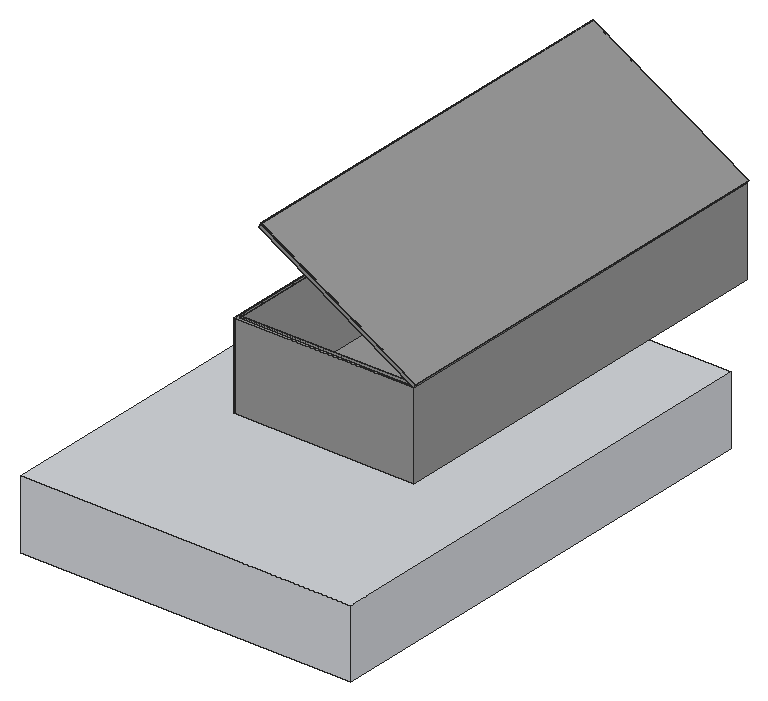
Revit family "Hager-Univers-IP41-D400-H1850-Cl.I-Steel_encl-AT-de", category Equipement électrique, Revit 2020
Family settings
  Hôte = Face
  Configuration du panneau = Deux colonnes, circuits au sein
  Cote de connecteur circulaire = Utiliser le diamètre
  Type d'élément = Tableau de raccordement
  Couper avec des vides une fois chargée = Non
  Partagée = Non
  Point de calcul de pièce = Non
Parameters (values of type "Aufputz IP41 B800 H1850 T400  - FS23G")
  Width Control [instance] = if([EF000008 - Breite] > Min Width, [EF000008 - Breite], Min Width)  # 800 mm
  Commentaires du type = [HG000003 - Bereich]  # "Univers"
  Thickness Door [instance] = if([EF009171 - Materialstärke Tür/Deckel] > 3 mm, 3 mm, [EF009171 - Materialstärke Tür/Deckel])  # 1.5 mm
  Seal Frame Offset [instance] = 17 mm  # constant formula
  Plinth Visibility [instance] = [HG000027 - Sockelhöhe] > 0 mm  # no
  Model = ""
  Min Width [instance] = 100 mm  # constant formula
  Min Height [instance] = 100 mm  # constant formula
  Min Depth [instance] = (2 * [EF009170 - Materialstärke Gehäuse]) + 1 mm  # 4 mm
  Internal Frame Depth [instance] = (Door System Depth * 0.5)  # 9 mm
  Height Control [instance] = if([EF000040 - Höhe] > Min Height, [EF000040 - Höhe], Min Height)  # 1850 mm
  HG000027 - Sockelhöhe = 0 mm
  HG000026 - Stehend auf dem Boden = no
  HG000024 - Höhe des unteren Teils = 800 mm
  HG000023 - Gehäuse mit doppeltem Querschnitt = no
  HG000016 - 3D-Türsichtbarkeit [instance] = yes
  HG000015 - Sichtbarkeit der Türöffnung [instance] = no
  HG000014 - Tür rechts [instance] = yes
  HG000013 - Tür links [instance] = not([HG000014 - Tür rechts])  # no
  HG000012 - Türschwenkwinkel [instance] = 30.00°
  HG000010 - Asymmetrische Türen = no
  HG000009 - Doppelflügeligen Tür = no
  HG000006 - Unterputz = no
  HG000004 - Herstellerreferenz = "FS23G"
  HG000003 - Bereich = "Univers"
  HG000002 - Mit tür = yes
  Frame Offset Bottom [instance] = 10 mm  # constant formula
  Frame Offset [instance] = 15 mm  # constant formula
  EF015940 - Deckel mit Überdruckentlastung = no
  EF011959 - Schutzart (NEMA) = ""
  EF009554 - Anzahl der Öffnungen für Flanschplatten = 6
  Fabricant = "Hager"  # constant formula
  EF009212 - Ausführung Deckel = "EV000116 - geschlossen"
  EF009171 - Materialstärke Tür/Deckel = 1.5 mm
  EF009170 - Materialstärke Gehäuse = 1.5 mm
  EF008873 - Nennstrom (In) = 800 A
  EF007800 - Geeignet für Blitzschutz = no
  EF006306 - Mit Schloss = no
  EF006244 - Transparenter Deckel/Tür = no
  EF005474 - Schutzart (IP) = "EV006416 - IP41"
  EF004464 - Art der Tür = "EV002646 - Einzel"
  EF004427 - Anzahl der Module = 432
  EF004293 - Schlagfestigkeit = "EV006813 - IK07"
  EF003532 - Geeignet für Außengebrauch = no
  EF002950 - Breite in Teilungseinheiten = 24
  EF001613 - Funktionserhalt = "EV000494 - ohne"
  EF001596 - Werkstoff des Gehäuses = "EV000179 - Stahl"
  EF001131 - Innentiefe = 400 mm
  EF001088 - Anbaumöglichkeit = yes
  EF000437 - Anzahl der Leitungseinführungen = 6
  EF000339 - Art der Abdeckung = "EV004216 - Tür"
  EF000266 - Anzahl der Reihen = 12
  EF000218 - Einbautiefe = 0 mm
  EF000118 - Mit Montageplatte = no
  EF000116 - RAL-Nummer = "7035"
  EF000049 - Tiefe = 400 mm
  EF000040 - Höhe = 1850 mm
  EF000008 - Breite = 800 mm
  EF000007 - Farbe = "EV000270 - grau"
  EF000003 - Montageart = "EV000384 - Aufputz"
  Door System Leaf Tolerance [instance] = 1.5 mm  # constant formula
  Door System Depth [instance] = 18 mm  # constant formula
  Door Height [instance] = Height Control - [HG000027 - Sockelhöhe]  # 1850 mm
  Depth Control [instance] = if([EF000049 - Tiefe] > Min Depth, [EF000049 - Tiefe], Min Depth)  # 400 mm
  Default Elevation = 0 mm
  Connector Offset [instance] = Height Control / 2  # 925 mm
  Bottom Top Plate Trim [instance] = 1.5 mm  # constant formula
  Plinth height Ctrl [instance] = if([HG000027 - Sockelhöhe] > 0 mm, [HG000027 - Sockelhöhe], 12 mm)  # 12 mm
Types (5, lengths in mm): name | Width Control | HG000009 - Doppelflügeligen Tür | HG000004 - Herstellerreferenz | EF009554 - Anzahl der Öffnungen für Flanschplatten | EF004464 - Art der Tür | EF004427 - Anzahl der Module | EF000437 - Anzahl der Leitungseinführungen | EF000008 - Breite
  Aufputz IP41 B1050 H1850 T400  - FS24G | 1050 | yes | "FS24G" | 8 | "EV003602 - Doppel" | 576 | 8 | 1050
  Aufputz IP41 B1300 H1850 T400  - FS25G | 1300 | yes | "FS25G" | 10 | "EV003602 - Doppel" | 720 | 10 | 1300
  Aufputz IP41 B300 H1850 T400  - FS21G | 300 | no | "FS21G" | 2 | "EV002646 - Einzel" | 144 | 2 | 300
  Aufputz IP41 B550 H1850 T400  - FS22G | 550 | no | "FS22G" | 4 | "EV002646 - Einzel" | 288 | 4 | 550
  Aufputz IP41 B800 H1850 T400  - FS23G | 800 | no | "FS23G" | 6 | "EV002646 - Einzel" | 432 | 6 | 800
Reference planes
  plane 1 "Center (Front/Back)": y = 0
  plane 2: z = 0
  plane 3 "Center (Left/Right)": x = 0
  plane 4: z = 400
  plane 5: y = 1.5
  plane 6: y = 925
  plane 7: y = 0
  plane 8: y = 1850
  plane 9: z = 0
  plane 10: x = -385
  plane 11: x = 385
  plane 12: x = 383.5
  plane 13: x = -383.5
  plane 14: y = 1848.5
  plane 15: x = -383
  plane 16: x = -400
  plane 17: x = 383
  plane 18: x = 400
  plane 19: x = 398.5
  plane 20: x = -398.5
  plane 21: y = 11.5
  plane 22: y = 1850
  plane 23: y = 1833.5
  plane 24: z = 382
  plane 25: z = 1.5
  plane 26: z = 380.5
  plane 27: z = 398.5
Forms (mm)
  Extrusion 1, solid
    sketch origin (0, 0, 0) x (1, 0, 0) y (0, 1, 0)
      loop
        line (-702.964, 1305) -> (-702.964, -811.445) -> (766.763, -811.445) -> (766.763, 1305) -> (-702.964, 1305)
    from 0 to -304.8
  Extrusion 2, solid, material "Hager_Steel_RAL7035_Light_Grey", visible <- "Plinth Visibility", detail levels medium+fine
    sketch origin (0, 0, 0) x (1, 0, 0) y (0, 1, 0)
      loop
        line (-400, 0) -> (400, 0) -> (400, 12) -> (-400, 12) -> (-400, 0)
    from 0 to 382
  Extrusion 3, solid, material "Hager_Steel_RAL7035_Light_Grey", detail levels medium+fine
    sketch origin (0, 0, 0) x (1, 0, 0) y (0, 1, 0)
      loop
        line (-400, 0) -> (400, 0) -> (400, 1850) -> (-400, 1850) -> (-400, 0)
    from 0 to 382
  Extrusion 4, void
    sketch origin (0, 0, 0) x (1, 0, 0) y (0, 1, 0)
      loop
        line (-398.5, 1.5) -> (398.5, 1.5) -> (398.5, 1848.5) -> (-398.5, 1848.5) -> (-398.5, 1.5)
    from 1.5 to 380.5
  Extrusion 5, void
    sketch origin (-381.607, -4572, 382) x (0, -1, 0) y (-1, 0, 0)
      loop
        line (-4583.5, 1.893) -> (-6405.5, 1.893) -> (-6405.5, -765.107) -> (-4583.5, -765.107) -> (-4583.5, 1.893)
    from 0 to 1.5 <- "EF009170 - Materialstärke Gehäuse"
  Extrusion 6, solid, material "Hager_Steel_RAL7035_Light_Grey", detail levels fine
    sketch origin (0, 0, 382) x (1, 0, 0) y (0, 1, 0)
      loop
        line (-383.5, 1833.5) -> (-383.5, 11.5) -> (383.5, 11.5) -> (383.5, 1833.5) -> (-383.5, 1833.5)
      loop
        line (-385, 10) -> (385, 10) -> (385, 1835) -> (-385, 1835) -> (-385, 10)
    from 0 to 9 <- "Internal Frame Depth"
  Extrusion 7, solid, material "Hager_Steel_RAL7035_Light_Grey", detail levels coarse
    sketch origin (0, 0, 0) x (1, 0, 0) y (0, 1, 0)
      loop
        line (-400, 0) -> (400, 0) -> (400, 1850) -> (-400, 1850) -> (-400, 0)
    from 0 to 400
  Sweep 8, void
    path in 3D
      loop
        line (-400, 12, 0) -> (400, 12, 0) -> (400, 12, 382) -> (-400, 12, 382) -> (-400, 12, 0)
    profile origin (-400, 12, 191) x (-1, 0, 0) y (0, -1, 0)
      loop
        line (0, 0) -> (0, 1.5) -> (-1.5, 1.5)
        arc (-1.5, 1.5) -> (-1.061, 0.439) -> (0, 0) r 1.5
Cuts and joins
  Extrusion 4, Extrusion 5 cuts Extrusion 3
  Sweep 8 cuts Extrusion 2
Lines and regions (mm)
  Masking region 1
    outline origin (0, 0, 0) x (1, 0, 0) y (0, 0, 1)
      loop
        line (-400, 400) -> (-400, 0) -> (400, 0) -> (400, 400) -> (-400, 400)
  Masking region 2, detail levels medium+fine
    outline origin (0, 140, 0) x (0, 1, 0) y (0, 0, 1)
      loop
        line (-140, 0) -> (1710, 0) -> (1710, 382) -> (-140, 382) -> (-140, 0)
  Masking region 3, not visible, detail levels medium+fine
    outline origin (0, 297.922, 0) x (0, 1, 0) y (0, 0, 1)
      loop
        line (638.578, 0) -> (678.578, 0) -> (678.578, 388.5)
        arc (678.578, 388.5) -> (675.649, 395.571) -> (668.578, 398.5) r 10
        line (668.578, 398.5) -> (638.578, 398.5) -> (638.578, 0)
  Masking region 4, detail levels coarse
    outline origin (0, 0, 180) x (0, 1, 0) y (0, 0, 1)
      loop
        line (0, -180) -> (1850, -180) -> (1850, 220) -> (0, 220) -> (0, -180)
  Masking region 5, visible <- "Plinth Visibility", detail levels medium+fine
    outline origin (0, 52.24, 12.345) x (0, 0, -1) y (0, 1, 0)
      loop
        line (10.845, -40.24) -> (-368.155, -40.24)
        arc (-368.155, -40.24) -> (-368.594, -41.301) -> (-369.655, -41.74) r 1.5
        line (-369.655, -41.74) -> (-369.655, -52.24) -> (12.345, -52.24) -> (12.345, -41.74)
        arc (12.345, -41.74) -> (11.285, -41.301) -> (10.845, -40.24) r 1.5
  Masking region 6, detail levels medium+fine
    outline origin (-381.607, -4572, 382) x (-1, 0, 0) y (0, -1, 0)
      loop
        line (18.393, -6422) -> (18.393, -4572) -> (-781.607, -4572) -> (-781.607, -6422) -> (18.393, -6422)
  Masking region 7, visible <- "Plinth Visibility", detail levels medium+fine
    outline origin (-381.607, -4727, 382) x (-1, 0, 0) y (0, -1, 0)
      loop
        arc (16.893, -4739) -> (17.332, -4737.939) -> (18.393, -4737.5) r 1.5
        line (18.393, -4737.5) -> (18.393, -4727) -> (-781.607, -4727) -> (-781.607, -4737.5)
        arc (-781.607, -4737.5) -> (-780.546, -4737.939) -> (-780.107, -4739) r 1.5
        line (-780.107, -4739) -> (16.893, -4739)
  Masking region 8, detail levels coarse
    outline origin (-442.548, -4669.526, 382) x (-1, 0, 0) y (0, -1, 0)
      loop
        line (-42.548, -6519.526) -> (-42.548, -4669.526) -> (-842.548, -4669.526) -> (-842.548, -6519.526) -> (-42.548, -6519.526)
  sketch lines
    curve 1: line (-400, 12, 382) -> (-400, 12, 0)
    curve 2: line (400, 12, 382) -> (-400, 12, 382)
    curve 3: line (400, 12, 382) -> (400, 12, 0)
    curve 4: line (-400, 12, 0) -> (400, 12, 0)
Dimensions and locks
  "Depth Control": plane 4 to Extrusion 1
  "HG000027 - Sockelhöhe": plane 1 "Center (Front/Back)" to plane 7
  "EF009170 - Materialstärke Gehäuse": plane 5 to plane 7
  locked: connector elem to plane 3 "Center (Left/Right)"
  equal spacing: plane 8, plane 6, plane 7
  locked: connector elem to plane 6
  "EF009170 - Materialstärke Gehäuse": plane 8 to plane 14
  "EF009170 - Materialstärke Gehäuse": plane 10 to plane 13
  "EF009170 - Materialstärke Gehäuse": plane 12 to plane 11
  "Frame Offset": plane 20 to plane 13
  "Frame Offset": plane 12 to plane 19
  "EF009170 - Materialstärke Gehäuse": plane 16 to plane 20
  "EF009170 - Materialstärke Gehäuse": plane 19 to plane 18
  "Seal Frame Offset": plane 16 to plane 15
  "Seal Frame Offset": plane 17 to plane 18
  "Frame Offset Bottom": plane 21 to plane 5
  "Frame Offset": plane 14 to plane 23
  equal spacing: plane 16, plane 3 "Center (Left/Right)", plane 18
  "Width Control": plane 16 to plane 18
  "EF009170 - Materialstärke Gehäuse": plane 4 to plane 27
  "EF009170 - Materialstärke Gehäuse": plane 24 to plane 26
  "EF009170 - Materialstärke Gehäuse": plane 25 to level
  "Door System Depth": plane 4 to plane 24
  "Height Control": plane 1 "Center (Front/Back)" to Extrusion 7 sketch curve
  "Height Control": Masking region 4 sketch curve to plane 1 "Center (Front/Back)"
  "Height Control": plane 1 "Center (Front/Back)" to plane 22
  "Bottom Top Plate Trim": profile plane to Sweep 8 sketch curve
  "Bottom Top Plate Trim": Sweep 8 sketch curve to profile plane
  "Plinth height Ctrl": plane 1 "Center (Front/Back)" to Extrusion 2 sketch curve
  "Plinth height Ctrl": Masking region 5 sketch curve to plane 1 "Center (Front/Back)"
  "Plinth height Ctrl": plane 1 "Center (Front/Back)" to Masking region 7 sketch curve
  "Thickness Door": Extrusion 6 sketch curve to Extrusion 6 sketch curve  (x3)
  "Thickness Door": cut or joined group of Extrusion 3, Extrusion 4, Extrusion 5 to Extrusion 6 sketch curve
  radius of Masking region 3 sketch curve = 10 mm
  "Bottom Top Plate Trim": radius of Masking region 5 sketch curve  (x2)
  "Bottom Top Plate Trim": radius of Sweep 8 sketch curve
  "Bottom Top Plate Trim": radius of Masking region 7 sketch curve  (x2)
  aligned and locked: plane 2 to Extrusion 1
  aligned and locked: level to Extrusion 1
  aligned and locked: level to Masking region 1 sketch curve
  aligned and locked: Masking region 1 sketch curve to plane 18
  aligned and locked: Masking region 1 sketch curve to plane 16
  aligned and locked: plane 7 to Masking region 2 sketch curve
  aligned and locked: level to Masking region 3 sketch curve
  aligned and locked: Masking region 3 sketch curve to plane 27
  aligned and locked: level to Masking region 2 sketch curve
  aligned and locked: plane 1 "Center (Front/Back)" to Extrusion 2 sketch curve
  aligned and locked: Extrusion 3 sketch curve to plane 7
  aligned and locked: plane 16 to Extrusion 3 sketch curve
  aligned and locked: plane 18 to Extrusion 3 sketch curve
  aligned and locked: plane 20 to Extrusion 4 sketch curve
  aligned and locked: plane 19 to Extrusion 4 sketch curve
  aligned and locked: Extrusion 4 sketch curve to plane 5
  aligned and locked: Extrusion 4 to plane 25
  aligned and locked: plane 26 to Extrusion 4
  aligned and locked: plane 24 to Extrusion 3
  aligned and locked: Extrusion 5 sketch curve to plane 21
  aligned and locked: Extrusion 5 sketch curve to plane 13
  aligned and locked: Extrusion 5 sketch curve to plane 12
  aligned and locked: plane 18 to Extrusion 7 sketch curve
  aligned and locked: plane 1 "Center (Front/Back)" to Extrusion 7 sketch curve
  aligned and locked: plane 16 to Extrusion 7 sketch curve
  aligned and locked: plane 4 to Extrusion 7
  aligned and locked: Extrusion 7 to level
  aligned and locked: level to Masking region 4 sketch curve
  aligned and locked: Masking region 4 sketch curve to plane 1 "Center (Front/Back)"
  aligned and locked: Masking region 4 sketch curve to plane 4
  aligned and locked: nested 1 to level
  aligned and locked: nested 1 to plane 16
  aligned and locked: plane 8 to Extrusion 3 sketch curve
  aligned and locked: plane 23 to Extrusion 5 sketch curve
  aligned and locked: plane 14 to Extrusion 4 sketch curve
  aligned and locked: Masking region 2 sketch curve to plane 8
  aligned and locked: level to Masking region 5 sketch curve
  aligned and locked: plane 16 to Extrusion 2 sketch curve
  aligned and locked: plane 18 to Extrusion 2 sketch curve
  aligned and locked: Masking region 5 sketch curve to plane 24
  aligned and locked: Masking region 2 sketch curve to plane 24
  aligned and locked: plane 24 to Extrusion 2
  aligned and locked: profile plane to Sweep 8 sketch curve  (x2)
  aligned and locked: Masking region 6 sketch curve to plane 18
  aligned and locked: Masking region 6 sketch curve to plane 22
  aligned and locked: Masking region 6 sketch curve to plane 16
  aligned and locked: plane 8 to plane 22
  aligned and locked: Masking region 6 sketch curve to plane 7
  aligned and locked: Masking region 7 sketch curve to plane 16
  aligned and locked: Masking region 7 sketch curve to plane 1 "Center (Front/Back)"
  aligned and locked: Masking region 7 sketch curve to plane 18
  aligned and locked: Masking region 8 sketch curve to plane 1 "Center (Front/Back)"
  aligned and locked: Masking region 8 sketch curve to plane 18
  aligned and locked: Masking region 8 sketch curve to plane 22
  aligned and locked: Masking region 8 sketch curve to plane 16
  aligned and locked: nested 2 to plane 7
  aligned and locked: plane 3 "Center (Left/Right)" to nested 2
  aligned and locked: nested 2 to plane 24
  aligned and locked: Extrusion 6 sketch curve to cut or joined group of Extrusion 3, Extrusion 4, Extrusion 5  (x4)
Automatic sketch dimensions
  Extrusion 1 sketch curve to Extrusion 1 sketch curve = 1469.727 mm
  Extrusion 1 sketch curve to Extrusion 1 sketch curve = 2116.445 mm
  Masking region 1 sketch curve to plane 4 = 0 mm
  plane 6 to Masking region 3 sketch curve = 11.5 mm
  Masking region 3 sketch curve to Masking region 3 sketch curve = 30 mm
  Masking region 5 sketch curve to plane 1 "Center (Front/Back)" = 0 mm
Nested families
  nested 1: "Hager_Enclosure_Symbol" at (-400, 0, 0) x (1, 0, 0) z (0, -1, 0), Height <- "Depth Control", Width <- "Width Control", type "Hager_Enclosure_Symbol"
    with Width_Ctrl 800 mm, Width 800 mm, Height_Ctrl 400 mm, Height 400 mm, A_Width_Int 26.25 mm, A_Width 315 mm, A_Height_Ctrl 350 mm, A_Height 350 mm
  nested 2: "EC000058_Univers_Door" at (0, 0, 382) x (1, 0, 0) z (0, 1, 0), Leaf_Tolerance <- "Door System Leaf Tolerance", Angle <- "HG000012 - Türschwenkwinkel", Door_Depth <- "Door System Depth", Door_Left <- "HG000013 - Tür links", Transparent <- "EF006244 - Transparenter Deckel/Tür", Assymetrical <- "HG000010 - Asymmetrische Türen", Width <- "Width Control", Clearance <- "HG000015 - Sichtbarkeit der Türöffnung", Double <- "HG000009 - Doppelflügeligen Tür", 3d_Door <- "HG000016 - 3D-Türsichtbarkeit", Lock_Visibility <- "EF006306 - Mit Schloss", Width_Ctrl <- "Width Control", Door_Right <- "HG000014 - Tür rechts", Door <- "HG000002 - Mit tür", Height <- "Door Height", Thickness <- "Thickness Door", type "EC000058_Univers_Door", detail levels medium+fine
    with min_wh 4 mm, Width_Ctrl 800 mm, Width 800 mm, Transparent no, Thickness 1.5 mm, Seal_Material Hager_Rubber, Lock_Visibility no, Lock_Material Hager_Plastic_RAL9005_Jet_Black, Leaf_Width 800 mm, Leaf_Tolerance_External_Sides 0 mm, Leaf_Tolerance 1.5 mm, Leaf_Offset 0 mm, Leaf_Height 1847 mm, Leaf_2_Width 800 mm, Leaf_2_Offset 400 mm, Leaf_1_Width 800 mm, Leaf_1_Offset 400 mm, Height_Ctrl 1850 mm, Height 1850 mm, Glass_Material Hager_Glass, Double_Clearance_Ctrl no, Double no, Door_Right_Ctrl yes, Door_Right yes, Door_Material Hager_Steel_RAL7035_Light_Grey, Door_Left_Ctrl no, Door_Left no, Door_Depth 18 mm, Door yes, Clearance_Material Hager_Clearance, Clearance_Depth 800 mm, Clearance_Ctrl no, Clearance no, Assymetrical no, Angle 30.00°, 3d_Door yes
Connectors
  electrical at (0, 925, 0)
    settings: on plane 9, index 1, voltage 0 V, apparent load 0 VA, apparent load phase1 0 VA, apparent load phase2 0 VA, apparent load phase3 0 VA, power factor 1, load classification "Other", number of poles 1, system type 30, power factor state 1, is connector primary yes, connector utility no, sub classification motor no, connector description ""
Definition of nested family "EC000058_Univers_Door"
  Parameters (values of type "EC000058_Univers_Door")
    min_wh [instance] = (2 * Thickness) + 1 mm  # 11 mm
    Width_Ctrl [instance] = 400 mm
    Width [instance] = 500 mm
    Transparent [instance] = yes
    Thickness [instance] = 5 mm
    Seal_Material [instance] = none
    Lock_Visibility [instance] = yes
    Lock_Material [instance] = none
    Leaf_Width [instance] = if((Width_Ctrl - 2 * Leaf_Tolerance_External_Sides) > 0 mm, (Width_Ctrl - 2 * Leaf_Tolerance_External_Sides), min_wh)  # 400 mm
    Leaf_Tolerance_External_Sides [instance] = 0 mm  # constant formula
    Leaf_Tolerance [instance] = 1.5 mm
    Leaf_Offset [instance] = 0 mm  # constant formula
    Leaf_Height [instance] = if((Height_Ctrl - 2 * Leaf_Tolerance) > 0 mm, (Height_Ctrl - 2 * Leaf_Tolerance), min_wh)  # 497 mm
    Leaf_2_Width [instance] = if(and(and(Double, Assymetrical), Door_Left), (Leaf_Width / 3) - (Leaf_Tolerance / 2), if(and(and(Double, Assymetrical), Door_Right), (Leaf_Width / 3) * 2 - (Leaf_Tolerance / 2), if(and(Double, not(Assymetrical)), (Leaf_Width / 2) - Leaf_Tolerance, Leaf_Width)))  # 400 mm
    Leaf_2_Offset [instance] = if(and(Double, Assymetrical), Leaf_2_Width / 2, if(and(Double, not(Assymetrical)), Leaf_Width / 4, Leaf_Width / 2))  # 200 mm
    Leaf_1_Width [instance] = if(and(and(Double, Assymetrical), Door_Right), (Leaf_Width / 3) - (Leaf_Tolerance / 2), if(and(and(Double, Assymetrical), Door_Left), (Width / 3) * 2 - (Leaf_Tolerance / 2), if(and(Double, not(Assymetrical)), (Leaf_Width / 2) - Leaf_Tolerance, Leaf_Width)))  # 400 mm
    Leaf_1_Offset [instance] = if(and(Double, Assymetrical), Leaf_1_Width / 2, if(and(Double, not(Assymetrical)), Leaf_Width / 4, Leaf_Width / 2))  # 200 mm
    Height_Ctrl [instance] = if(Height > min_wh, Height, min_wh)  # 500 mm
    Height [instance] = 500 mm
    Glass_Material [instance] = none
    Double_Clearance_Ctrl [instance] = and(Double, Clearance)  # no
    Double [instance] = no
    Door_Right_Ctrl [instance] = and(or(Door_Right, Double), Door)  # yes
    Door_Right [instance] = yes
    Door_Material [instance] = none
    Door_Left_Ctrl [instance] = and(or(Door_Left, Double), Door)  # no
    Door_Left [instance] = no
    Door_Depth [instance] = 30 mm
    Door [instance] = yes
    Default Elevation = 1219.2 mm
    Clearance_Material [instance] = none
    Clearance_Depth [instance] = if(Leaf_1_Width > Leaf_2_Width, Leaf_1_Width, Leaf_2_Width)  # 400 mm
    Clearance_Ctrl [instance] = and(not(Double), Clearance)  # yes
    Clearance [instance] = yes
    Assymetrical [instance] = yes
    Angle [instance] = 30.00°
    3d_Door [instance] = yes
  Reference planes
    plane 1 "Center (Front/Back)": y = 0
    plane 2 "Bottom": z = 0
    plane 3 "Center (Left/Right)": x = 0
    plane 4: z = 500
    plane 5: x = -200
    plane 6: x = 200
    plane 7: z = 500
    plane 8: x = -200
    plane 9: z = 0
    plane 10: x = 200
    plane 11: y = 0
    plane 12: z = 1.5
    plane 13: x = -600
    plane 14: y = -400
    plane 15: x = 600
    plane 16: x = 0
    plane 17: x = 0
    plane 18: x = -200
    plane 19: x = 200
    plane 20: z = 498.5
  Forms (mm)
    Extrusion 1, solid, material <- "Clearance_Material", visible <- "Double_Clearance_Ctrl"
      sketch origin (1200, 0, 0) x (1, 0, 0) y (0, 0, -1)
        loop
          line (-1800, -498.5) -> (-600, -498.5) -> (-600, 0) -> (-1800, 0) -> (-1800, -498.5)
      from 0 to -400
  Dimensions and locks
    equal spacing: plane 5, plane 3 "Center (Left/Right)", plane 6
    "Width_Ctrl": plane 5 to plane 6
    "Leaf_Offset": plane 5 to plane 8
    "Leaf_Offset": plane 6 to plane 10
    "Leaf_Offset": plane 9 to level
    "Leaf_Offset": plane 4 to plane 7
    "Height_Ctrl": plane 4 to level
    "Leaf_Tolerance": plane 12 to plane 9
    locked: plane 11 to plane 1 "Center (Front/Back)"
    "Leaf_1_Offset": plane 18 to plane 16
    "Leaf_2_Offset": plane 17 to plane 19
    "Leaf_1_Width": plane 13 to plane 8
    "Leaf_2_Width": plane 10 to plane 15
    "Clearance_Depth": plane 14 to plane 1 "Center (Front/Back)"
    "Leaf_Tolerance_External_Sides": plane 8 to plane 18
    "Leaf_Tolerance_External_Sides": plane 19 to plane 10
    "Leaf_Tolerance": plane 7 to plane 20
    aligned and locked: level to plane 2 "Bottom"
    aligned and locked: nested 1 to plane 16
    aligned and locked: nested 2 to plane 17
    aligned and locked: Extrusion 1 to plane 13
    aligned and locked: plane 15 to Extrusion 1
    aligned and locked: Extrusion 1 to plane 14
    aligned and locked: plane 12 to nested 1
    aligned and locked: nested 2 to plane 12
    aligned and locked: Extrusion 1 to plane 11
    aligned and locked: plane 20 to Extrusion 1
    aligned and locked: nested 2 to plane 11
    aligned and locked: nested 1 to plane 11
  Automatic sketch dimensions
    Extrusion 1 sketch curve to level = 0 mm
    plane 5 to Extrusion 1 sketch curve = 400 mm
    plane 6 to Extrusion 1 sketch curve = 400 mm
    Extrusion 1 sketch curve to plane 4 = 1.5 mm
  Nested families
    nested 1: "EC000058_Univers_Door_Leaf" at (0, 0, 1.5), Width <- "Leaf_1_Width", visible <- "Door_Left_Ctrl", Leaf_Height <- "Leaf_Height", Angle <- "Angle", 3d_Door <- "3d_Door", Transparent <- "Transparent", Clearance Material <- "Clearance_Material", Clearance <- "Clearance_Ctrl", Door_Material <- "Door_Material", Glass_Material <- "Glass_Material", Door_Depth <- "Door_Depth", Lock_Material <- "Lock_Material", Seal_Material <- "Seal_Material", Lock_Visibility <- "Lock_Visibility", Thickness <- "Thickness", type "EC000058_Univers_Door_Leaf"
      with Width 400 mm, Transparent_Glass_Offset 30 mm, Transparent_Ctrl yes, Transparent yes, Thickness 5 mm, Standard no, Seal_Material none, Seal_D2 8 mm, Seal_D1 1 mm, Offset_Internal_Frame 10 mm, Lock_Width 20 mm, Lock_Visibility_3d yes, Lock_Visibility yes, Lock_Thickness_3 3 mm, Lock_Thickness_2 1 mm, Lock_Thickness_1 3 mm, Lock_Radius_Offset_2 16 mm, Lock_Radius_Offset_1 15 mm, Lock_Radius_2 5 mm, Lock_Radius 6 mm, Lock_Offset 5 mm, Lock_Material none, Lock_Height 80 mm, Lock_Cover_Top_Offset_2d 17 mm, Lock_Cover_Height -65 mm, Leaf_Height 497 mm, Internal_Seal_Thickness 8 mm, Internal_Seal_Depth_2 4.5 mm, Internal_Frame_Depth 25 mm, Glass_Thickness -1 mm, Glass_Offset -2 mm, Glass_Material none, Door_Material none, Door_Depth 30 mm, Clearance Material none, Clearance yes, Angle_Ctrl 30.00°, Angle 30.00°, 3d_Door yes
    nested 2: "EC000058_Univers_Door_Leaf" at (0, 0, 1.5) x (-1, 0, 0) z (0, 0, 1), Width <- "Leaf_2_Width", visible <- "Door_Right_Ctrl", Leaf_Height <- "Leaf_Height", Angle <- "Angle", 3d_Door <- "3d_Door", Transparent <- "Transparent", Clearance Material <- "Clearance_Material", Clearance <- "Clearance_Ctrl", Door_Material <- "Door_Material", Glass_Material <- "Glass_Material", Door_Depth <- "Door_Depth", Lock_Material <- "Lock_Material", Seal_Material <- "Seal_Material", Lock_Visibility <- "Lock_Visibility", Thickness <- "Thickness", type "EC000058_Univers_Door_Leaf"
      with Width 400 mm, Transparent_Glass_Offset 30 mm, Transparent_Ctrl yes, Transparent yes, Thickness 5 mm, Standard no, Seal_Material none, Seal_D2 8 mm, Seal_D1 1 mm, Offset_Internal_Frame 10 mm, Lock_Width 20 mm, Lock_Visibility_3d yes, Lock_Visibility yes, Lock_Thickness_3 3 mm, Lock_Thickness_2 1 mm, Lock_Thickness_1 3 mm, Lock_Radius_Offset_2 16 mm, Lock_Radius_Offset_1 15 mm, Lock_Radius_2 5 mm, Lock_Radius 6 mm, Lock_Offset 5 mm, Lock_Material none, Lock_Height 80 mm, Lock_Cover_Top_Offset_2d 17 mm, Lock_Cover_Height -65 mm, Leaf_Height 497 mm, Internal_Seal_Thickness 8 mm, Internal_Seal_Depth_2 4.5 mm, Internal_Frame_Depth 25 mm, Glass_Thickness -1 mm, Glass_Offset -2 mm, Glass_Material none, Door_Material none, Door_Depth 30 mm, Clearance Material none, Clearance yes, Angle_Ctrl 30.00°, Angle 30.00°, 3d_Door yes
  Definition of nested family "EC000058_Univers_Door_Leaf"
    Parameters (values of type "EC000058_Univers_Door_Leaf")
      Width [instance] = 2000 mm
      Transparent_Glass_Offset [instance] = 30 mm
      Transparent_Ctrl [instance] = and(Transparent, [3d_Door])  # yes
      Transparent [instance] = yes
      Thickness [instance] = 5 mm
      Standard [instance] = and(not(Transparent), [3d_Door])  # no
      Seal_Material [instance] = none
      Seal_D2 [instance] = 8 mm  # constant formula
      Seal_D1 [instance] = 1 mm  # constant formula
      Offset_Internal_Frame [instance] = 10 mm  # constant formula
      Lock_Width [instance] = 20 mm  # constant formula
      Lock_Visibility_3d [instance] = and(Lock_Visibility, [3d_Door])  # yes
      Lock_Visibility [instance] = yes
      Lock_Thickness_3 [instance] = 3 mm  # constant formula
      Lock_Thickness_2 [instance] = 1 mm  # constant formula
      Lock_Thickness_1 [instance] = 3 mm  # constant formula
      Lock_Radius_Offset_2 [instance] = Lock_Radius_Offset_1 + 1 mm  # 16 mm
      Lock_Radius_Offset_1 [instance] = 15 mm  # constant formula
      Lock_Radius_2 [instance] = Lock_Radius - 1 mm  # 5 mm
      Lock_Radius [instance] = 6 mm  # constant formula
      Lock_Offset [instance] = 5 mm  # constant formula
      Lock_Material [instance] = none
      Lock_Height [instance] = 80 mm  # constant formula
      Lock_Cover_Top_Offset_2d [instance] = Lock_Radius_Offset_2 + 1 mm  # 17 mm
      Lock_Cover_Height [instance] = -(Lock_Height - Lock_Radius_Offset_1)  # -65 mm
      Leaf_Height [instance] = 2720.336 mm
      Internal_Seal_Thickness [instance] = 8 mm  # constant formula
      Internal_Seal_Depth_2 [instance] = 4.5 mm  # constant formula
      Internal_Frame_Depth [instance] = if(Door_Depth - Thickness > 5 mm, Door_Depth - Thickness, 5 mm)  # 25 mm
      Glass_Thickness [instance] = if(Thickness > 15 mm, Glass_Offset + 10 mm, -1 mm)  # -1 mm
      Glass_Offset [instance] = if(Thickness > 15 mm, -(Thickness + 10 mm) / 2, -2 mm)  # -2 mm
      Glass_Material [instance] = none
      Door_Material [instance] = none
      Door_Depth [instance] = 30 mm
      Default Elevation = 0 mm
      Clearance Material [instance] = none
      Clearance [instance] = yes
      Angle_Ctrl [instance] = if(Angle > 180.00°, 180.00°, Angle)  # 90.00°
      Angle [instance] = 90.00°
      3d_Door [instance] = yes
    Reference planes
      plane 1 "Center (Front/Back)": y = 0
      plane 2: z = 0
      plane 3 "Center (Left/Right)": x = 0
      plane 4: y = 2000
      plane 5: x = -1000
      plane 6: x = 1000
      plane 7: x = -3000
      plane 8: z = 2720.336
      plane 9: z = 30
      plane 10: z = 2690.336
      plane 11: x = 970
      plane 12: x = -970
      plane 13: y = -3
      plane 14: z = 107.833
      plane 15: y = -5
      plane 16: y = -223.314
      plane 17: x = -1000
      plane 18: z = 1360.168
      plane 19: y = 30
    Forms (mm)
      Extrusion 1, solid, material <- "Clearance Material", visible <- "Clearance"
        sketch origin (0, 0, 0) x (1, 0, 0) y (0, 0, 1)
          loop
            line (-3000, 2720.336) -> (-3000, 0) -> (1000, 0) -> (1000, 2720.336) -> (-3000, 2720.336)
        from 0 to -2000
      Extrusion 2, solid, material <- "Door_Material", visible <- "Standard", detail levels medium+fine
        sketch origin (-1000, 0, 0) x (0, 1, 0) y (-1, 0, 0)
          loop
            line (0, 30) -> (0, 25) -> (2000, 25) -> (2000, 30) -> (0, 30)
        from 0 to 2720.336 <- "Leaf_Height"
      Extrusion 3, solid, material <- "Door_Material", visible <- "Transparent_Ctrl", detail levels medium+fine
        sketch origin (-1000, 0, 0) x (0, 1, 0) y (-1, 0, 0)
          loop
            line (0, 25) -> (2000, 25) -> (2000, 30) -> (0, 30) -> (0, 25)
        from 0 to 2720.336 <- "Leaf_Height"
      Extrusion 4, void
        sketch origin (-1025, 2000, 0) x (0, 1, 0) y (0, 0, -1)
          loop
            line (-30, -2690.336) -> (-30, -30) -> (-1970, -30) -> (-1970, -2690.336) -> (-30, -2690.336)
        from 0 to 5 <- "Thickness"
      Sweep 5, solid, material <- "Seal_Material", visible <- "Transparent_Ctrl", detail levels fine
        path in 3D
          loop
            line (-1025, 30, 30) -> (-1025, 30, 2690.336) -> (-1025, 1970, 2690.336) -> (-1025, 1970, 30) -> (-1025, 30, 30)
        profile origin (-1025, 1000, 30) x (1, 0, 0) y (0, 0, 1)
          loop
            line (0, 0) -> (0, -8) -> (1, -8) -> (1, 0) -> (0, 0)
      Extrusion 6, solid, material <- "Glass_Material", visible <- "Transparent_Ctrl", detail levels medium+fine
        sketch origin (-1030, 0, 0) x (0, 1, 0) y (0, 0, -1)
          loop
            line (1970, -2690.336) -> (1970, -30) -> (30, -30) -> (30, -2690.336) -> (1970, -2690.336)
        from -2 <- "Glass_Offset" to -1 <- "Glass_Thickness"
      Extrusion 7, solid, material <- "Door_Material", visible <- "3d_Door", detail levels medium+fine
        sketch origin (-1025, 2000, 0) x (0, -1, 0) y (0, 0, -1)
          loop
            line (0, -2720.336) -> (2000, -2720.336) -> (2000, 0) -> (0, 0) -> (0, -2720.336)
          loop
            line (1995, -5) -> (5, -5) -> (5, -2715.336) -> (1995, -2715.336) -> (1995, -5)
        from 0 to 25 <- "Internal_Frame_Depth"
      Sweep 8, solid, material <- "Seal_Material", visible <- "Transparent_Ctrl", detail levels fine
        path in 3D
          loop
            line (-1025, 0, 0) -> (-1025, 2000, 0) -> (-1025, 2000, 2720.336) -> (-1025, 0, 2720.336) -> (-1025, 0, 0)
        profile origin (-1025, 0, 1360.168) x (1, 0, 0) y (0, 1, 0)
          loop
            line (0, 10) -> (2.975, 10)
            arc (2.975, 10) -> (4.053, 10.447) -> (4.5, 11.525) r 1.525
            line (4.5, 11.525) -> (4.5, 16.527)
            arc (4.5, 16.527) -> (4.069, 17.569) -> (3.027, 18) r 1.473
            line (3.027, 18) -> (0, 18) -> (0, 10)
      Extrusion 9, solid, material <- "Lock_Material", visible <- "Lock_Visibility_3d", detail levels fine
        sketch origin (-1030, 0, 0) x (0, 1, 0) y (0, 0, -1)
          loop
            arc (1993.5, -1400.168) -> (1994.561, -1399.729) -> (1995, -1398.668) r 1.5
            line (1995, -1398.668) -> (1995, -1320.168) -> (1975, -1320.168) -> (1975, -1398.668)
            arc (1975, -1398.668) -> (1975.439, -1399.729) -> (1976.5, -1400.168) r 1.5
            line (1976.5, -1400.168) -> (1993.5, -1400.168)
        from 3 <- "Lock_Thickness_1" to 0
      Blend 10, solid, material <- "Lock_Material", visible <- "Lock_Visibility_3d", detail levels fine
        base sketch origin (-1033, 0, 0) x (0, 1, 0) y (0, 0, -1)
          loop
            line (1975, -1320.168) -> (1975, -1398.668)
            arc (1975, -1398.668) -> (1975.439, -1399.729) -> (1976.5, -1400.168) r 1.5
            line (1976.5, -1400.168) -> (1993.5, -1400.168)
            arc (1993.5, -1400.168) -> (1994.561, -1399.729) -> (1995, -1398.668) r 1.5
            line (1995, -1398.668) -> (1995, -1320.168) -> (1975, -1320.168)
        top sketch origin (-1033, 0, 0) x (0, 1, 0) y (0, 0, -1)
          loop
            line (1976, -1320.168) -> (1976, -1398.668)
            arc (1976, -1398.668) -> (1976.146, -1399.022) -> (1976.5, -1399.168) r 0.5
            line (1976.5, -1399.168) -> (1993.5, -1399.168)
            arc (1993.5, -1399.168) -> (1993.854, -1399.022) -> (1994, -1398.668) r 0.5
            line (1994, -1398.668) -> (1994, -1320.168) -> (1976, -1320.168)
        from 0 to 1 <- "Lock_Thickness_2"
      Blend 11, solid, material <- "Lock_Material", visible <- "Lock_Visibility_3d", detail levels fine
        base sketch origin (-1034, 0, 0) x (0, 1, 0) y (0, 0, -1)
          loop
            line (1978, -1320.168) -> (1978, -1384.168)
            arc (1978, -1384.168) -> (1985, -1391.168) -> (1992, -1384.168) r 7
            line (1992, -1384.168) -> (1992, -1320.168) -> (1978, -1320.168)
        top sketch origin (-1034, 0, 0) x (0, 1, 0) y (0, 0, -1)
          loop
            line (1991, -1320.168) -> (1979, -1320.168) -> (1979, -1383.168)
            arc (1979, -1383.168) -> (1985, -1389.168) -> (1991, -1383.168) r 6
            line (1991, -1383.168) -> (1991, -1320.168)
        from 0 to 3 <- "Lock_Thickness_3"
      Extrusion 12, solid, material <- "Lock_Material", visible <- "Lock_Visibility_3d", detail levels fine
        sketch origin (-1030, 1975, 1320.168) x (1, 0, 0) y (0, -1, 0)
          loop
            line (-7, -19) -> (-7, -1) -> (0, -1) -> (0, 0) -> (-8, 0) -> (-8, -20) -> (0, -20) -> (0, -19) -> (-7, -19)
        from 0 to -65 <- "Lock_Cover_Height"
      Extrusion 13, void
        sketch origin (-1038, 1995, 1320.168) x (-1, 0, 0) y (0, 0, -1)
          loop
            line (-5, -65) -> (0, -65) -> (-5, -60) -> (-5, -65)
        from 0 to 20 <- "Lock_Width"
      Extrusion 14, void
        sketch origin (-1038, 1975, 1320.168) x (0, -1, 0) y (0, 0, -1)
          loop
            circle (-10, -15.995) r 6
          loop
            circle (-10, -15.995) r 5
        from 0 to 2
      Extrusion 15, solid, material <- "Lock_Material", visible <- "Lock_Visibility_3d", detail levels medium
        sketch origin (-1030, 0, 0) x (0, 1, 0) y (0, 0, -1)
          loop
            arc (1993.5, -1400.168) -> (1994.561, -1399.729) -> (1995, -1398.668) r 1.5
            line (1995, -1398.668) -> (1995, -1320.168) -> (1975, -1320.168) -> (1975, -1398.668)
            arc (1975, -1398.668) -> (1975.439, -1399.729) -> (1976.5, -1400.168) r 1.5
            line (1976.5, -1400.168) -> (1993.5, -1400.168)
        from 8 to 0
    Cuts and joins
      Extrusion 4 cuts Extrusion 3
      Extrusion 13, Extrusion 14 cuts Extrusion 9
      Extrusion 14 cuts Blend 11
      Extrusion 13, Extrusion 14 cuts Extrusion 12
      joined: Extrusion 9, Blend 10, Blend 11, Extrusion 12
      Extrusion 14 cuts Extrusion 15
    Lines and regions (mm)
      Masking region 1, visible <- "Lock_Visibility", detail levels fine
        outline origin (0, 0, 0) x (0, 1, 0) y (0, 0, 1)
          loop
            line (30, 1320.168) -> (33, 1320.168) -> (33, 1400.168) -> (30, 1400.168) -> (30, 1320.168)
      Masking region 2, visible <- "Lock_Visibility", detail levels fine
        outline origin (0, 3.143, 0) x (0, 1, 0) y (0, 0, 1)
          loop
            line (29.857, 1354.168) -> (30.857, 1354.168) -> (30.857, 1366.168) -> (29.857, 1366.168) -> (29.857, 1354.168)
      Masking region 3, detail levels medium+fine
        outline origin (0, 0, 0) x (0, 1, 0) y (0, 0, 1)
          loop
            line (0, 0) -> (30, 0) -> (30, 2720.336) -> (0, 2720.336) -> (0, 0)
      Masking region 4, detail levels medium+fine
        outline origin (0, 0, 0) x (1, 0, 0) y (0, 0, 1)
          loop
            line (-1000, 2720.336) -> (-1000, 0) -> (1000, 0) -> (1000, 2720.336) -> (-1000, 2720.336)
      Masking region 5, visible <- "Lock_Visibility", detail levels fine
        outline origin (-47.116, 0, 0) x (1, 0, 0) y (0, 0, 1)
          loop
            arc (1024.616, 1399.168) -> (1023.556, 1398.729) -> (1023.116, 1397.668) r 1.5
            line (1023.116, 1397.668) -> (1023.116, 1320.168) -> (1041.116, 1320.168) -> (1041.116, 1397.668)
            arc (1041.116, 1397.668) -> (1040.677, 1398.729) -> (1039.616, 1399.168) r 1.5
            line (1039.616, 1399.168) -> (1024.616, 1399.168)
      Masking region 6, visible <- "Lock_Visibility", detail levels medium+fine
        outline origin (-25, 0, 0) x (1, 0, 0) y (0, 0, 1)
          loop
            arc (1001.5, 1400.168) -> (1000.439, 1399.729) -> (1000, 1398.668) r 1.5
            line (1000, 1398.668) -> (1000, 1320.168) -> (1020, 1320.168) -> (1020, 1398.668)
            arc (1020, 1398.668) -> (1019.561, 1399.729) -> (1018.5, 1400.168) r 1.5
            line (1018.5, 1400.168) -> (1001.5, 1400.168)
      Masking region 7, visible <- "Lock_Visibility", detail levels fine
        outline origin (-73.735, 0, 0) x (1, 0, 0) y (0, 0, 1)
          loop
            line (1051.735, 1382.168) -> (1065.735, 1382.168) -> (1065.735, 1384.168)
            arc (1065.735, 1384.168) -> (1058.735, 1391.168) -> (1051.735, 1384.168) r 7
            line (1051.735, 1384.168) -> (1051.735, 1382.168)
      Masking region 8, visible <- "Lock_Visibility", detail levels fine
        outline origin (-73.735, 0, 0) x (1, 0, 0) y (0, 0, 1)
          loop
            line (1052.735, 1382.168) -> (1064.735, 1382.168) -> (1064.735, 1383.168)
            arc (1064.735, 1383.168) -> (1058.735, 1389.168) -> (1052.735, 1383.168) r 6
            line (1052.735, 1383.168) -> (1052.735, 1382.168)
      Masking region 9, visible <- "Lock_Visibility", detail levels fine
        outline origin (-25, 0, 0) x (1, 0, 0) y (0, 0, 1)
          loop
            line (1020, 1320.168) -> (1020, 1382.168) -> (1000, 1382.168) -> (1000, 1320.168) -> (1020, 1320.168)
      Masking region 10, detail levels medium+fine
        outline origin (0, 0, 0) x (1, 0, 0) y (0, 0, 1)
          loop
            circle (985, 1335.144) r 6
      Masking region 11, detail levels fine
        outline origin (0, 0, 0) x (1, 0, 0) y (0, 0, 1)
          loop
            circle (985, 1335.144) r 5
      Masking region 12, visible <- "Lock_Visibility", detail levels fine
        outline origin (0, 12.767, 0) x (0, 1, 0) y (0, 0, 1)
          loop
            line (20.233, 1320.168) -> (21.233, 1320.168) -> (21.233, 1399.168) -> (20.233, 1400.168) -> (20.233, 1320.168)
      Masking region 13, visible <- "Lock_Visibility", detail levels fine
        outline origin (0, 13.767, -10) x (0, 1, 0) y (0, 0, 1)
          loop
            line (20.233, 1330.168) -> (23.233, 1330.168) -> (23.233, 1399.168) -> (20.233, 1402.168) -> (20.233, 1330.168)
      Masking region 14, visible <- "Lock_Visibility", detail levels fine
        outline origin (0, 12.767, -10) x (0, 1, 0) y (0, 0, 1)
          loop
            line (20.233, 1330.168) -> (25.233, 1330.168) -> (25.233, 1399.305) -> (20.233, 1394.305) -> (20.233, 1330.168)
      Masking region 15, visible <- "Lock_Visibility", detail levels medium
        outline origin (0, 0, 0) x (0, 1, 0) y (0, 0, 1)
          loop
            line (30, 1320.168) -> (38, 1320.168) -> (38, 1400.168) -> (30, 1400.168) -> (30, 1320.168)
      Masking region 16, visible <- "Lock_Visibility", detail levels fine
        outline origin (-1000, 0, 0) x (0, 1, 0) y (-1, 0, 0)
          loop
            line (1975, 30) -> (1995, 30) -> (1995, 38) -> (1975, 38) -> (1975, 30)
          loop
            line (1979, 37) -> (1976, 37) -> (1976, 34) -> (1978, 34) -> (1979, 37)
          loop
            line (1994, 37) -> (1991, 37) -> (1992, 34) -> (1994, 34) -> (1994, 37)
      Masking region 17, visible <- "Lock_Visibility", detail levels medium
        outline origin (-1000, 0, 0) x (0, 1, 0) y (-1, 0, 0)
          loop
            line (1975, 30) -> (1995, 30) -> (1995, 38) -> (1975, 38) -> (1975, 30)
      symbolic lines
        curve 1: line (1000, 0, 0) -> (-3000, 0, 0)
        curve 2: arc (1000, 0, 0) -> (-1000, 2000, 0) -> (-3000, 0, 0) r 2000
        curve 4: line (-1030, 0, 0) -> (-1030, 2000, 0)
      reference lines
        curve 3: line (-1000, 0, 0) -> (-1000, 2000, 0)
      symbolic lines, detail levels medium+fine
        curve 5: line (-1030, 2000, 0) -> (-1025, 2000, 0)
        curve 7: line (-1025, 0, 0) -> (-1030, 0, 0)
        curve 8: line (-1025, 0, 0) -> (-1000, 0, 0)
        curve 9: line (-1000, 0, 0) -> (-1000, 2000, 0)
        curve 10: line (-1000, 2000, 0) -> (-1025, 2000, 0)
      symbolic lines, detail levels fine
        curve 6: line (-1025, 2000, 0) -> (-1025, 0, 0)
      sketch lines
        curve 11: line (-1025, 0, 2720.336) -> (-1025, 0, 0)
        curve 12: line (-1025, 2000, 0) -> (-1025, 0, 0)
        curve 13: line (-1025, 2000, 2720.336) -> (-1025, 2000, 0)
        curve 14: line (-1025, 0, 2720.336) -> (-1025, 2000, 2720.336)
        curve 15: line (-1025, 1970, 30) -> (-1025, 30, 30)
        curve 16: line (-1025, 30, 30) -> (-1025, 30, 2690.336)
        curve 17: line (-1025, 1970, 2690.336) -> (-1025, 1970, 30)
        curve 18: line (-1025, 30, 2690.336) -> (-1025, 1970, 2690.336)
      symbolic lines, visible <- "Transparent", detail levels medium+fine
        curve 19: line (-970, 0, 2690.336) -> (970, 0, 2690.336)
        curve 20: line (-970, 0, 30) -> (-970, 0, 2690.336)
        curve 21: line (970, 0, 30) -> (-970, 0, 30)
        curve 22: line (970, 0, 2690.336) -> (970, 0, 30)
    Dimensions and locks
      "Width": plane 1 "Center (Front/Back)" to plane 4
      equal spacing: plane 5, plane 3 "Center (Left/Right)", plane 6
      "Width": plane 5 to plane 6
      "Width": plane 7 to plane 5
      "Leaf_Height": plane 8 to level
      "Width": curve 5 to curve 3
      "Width": curve 3 to curve 3
      plane 8 to plane 10 = 30 mm
      plane 9 to level = 30 mm
      plane 12 to plane 5 = 30 mm
      plane 6 to plane 11 = 30 mm
      Extrusion 1 to Extrusion 4 sketch curve = 30 mm
      "Transparent_Glass_Offset": curve 3 to Extrusion 4 sketch curve
      "Transparent_Glass_Offset": Extrusion 4 sketch curve to cut or joined group of Extrusion 3, Extrusion 4  (x2)
      cut or joined group of Extrusion 3, Extrusion 4 to Extrusion 6 sketch curve = 30 mm
      "Transparent_Glass_Offset": cut or joined group of Extrusion 3, Extrusion 4 to Extrusion 4 sketch curve
      "Thickness": curve 6 to curve 4
      "Thickness": Extrusion 7 sketch curve to Extrusion 7 sketch curve  (x4)
      "Door_Depth": curve 4 to curve 3
      "Offset_Internal_Frame": profile plane to Sweep 8 sketch curve
      "Internal_Seal_Thickness": Sweep 8 sketch curve to Sweep 8 sketch curve
      "Internal_Seal_Depth_2": profile plane to Sweep 8 sketch curve
      "Seal_D1": profile plane to Sweep 5 sketch curve
      "Seal_D2": profile plane to Sweep 5 sketch curve
      "Thickness": Extrusion 2 sketch curve to Extrusion 2 sketch curve
      equal spacing: Extrusion 9 sketch curve, plane 18, Extrusion 9 sketch curve  (x2)
      equal spacing: Masking region 1 sketch curve, plane 18, Masking region 1 sketch curve
      "Lock_Height": Masking region 1 sketch curve to Masking region 1 sketch curve
      "Lock_Radius": Masking region 2 sketch curve to plane 18 to Masking region 2 sketch curve
      Masking region 2 sketch curve to Masking region 1 = 1 mm
      "Door_Depth": plane 19 to plane 1 "Center (Front/Back)"
      "Lock_Thickness_1": Masking region 1 sketch curve to plane 19
      "Lock_Width": Extrusion 9 sketch curve to Extrusion 9 sketch curve
      "Lock_Height": Extrusion 9 sketch curve to Extrusion 9 sketch curve
      "Lock_Offset": cut or joined group of Extrusion 3, Extrusion 4 to Extrusion 9 sketch curve
      equal spacing: plane 8, plane 18, level
      "Lock_Radius_Offset_1": Blend 11 sketch curve to Blend 10
      locked: Blend 10 to Blend 11 sketch curve at 2  (x2)
      locked: var sketch to Blend 11 sketch curve at 1  (x2)
      "Lock_Radius_Offset_2": Blend 11 sketch curve to Blend 10
      locked: Extrusion 12 sketch curve to Extrusion 12 sketch curve at 1  (x3)
      Masking region 6 sketch curve to Masking region 6 sketch curve = 80 mm
      "Lock_Height": Masking region 6 sketch curve to Masking region 6 sketch curve
      "Lock_Width": Masking region 6 sketch curve to Masking region 6 sketch curve
      locked: Masking region 6 to Masking region 5 sketch curve at 1  (x3)
      locked: Masking region 5 to Masking region 7 sketch curve at 2  (x2)
      "Lock_Radius_Offset_1": Masking region 5 to Masking region 7 sketch curve
      "Lock_Radius_Offset_2": Masking region 5 to Masking region 8 sketch curve
      locked: Masking region 7 to Masking region 8 sketch curve at 1  (x2)
      "Lock_Cover_Top_Offset_2d": Masking region 5 to Masking region 9 sketch curve
      equal spacing: Masking region 9, Masking region 10 sketch curve, Masking region 9
      equal spacing: Masking region 9, Masking region 11 sketch curve, Masking region 9
      Extrusion 15 sketch curve to Extrusion 15 sketch curve = 80 mm
      "Lock_Width": Extrusion 15 sketch curve to Extrusion 15 sketch curve
      "Lock_Height": Extrusion 15 sketch curve to Extrusion 15 sketch curve
      equal spacing: Extrusion 15 sketch curve, plane 18, Extrusion 15 sketch curve
      "Lock_Thickness_3": Masking region 13 sketch curve to Masking region 13 sketch curve
      "Lock_Height": Masking region 12 sketch curve to Masking region 12 sketch curve
      locked: Masking region 13 sketch curve to Masking region 1 at 8
      locked: Masking region 14 sketch curve to Masking region 13 at 1
      locked: Masking region 14 sketch curve to Masking region 1 at 10.863
      "Lock_Height": Masking region 15 sketch curve to Masking region 15 sketch curve
      "Lock_Offset": Extrusion 15 sketch curve to cut or joined group of Extrusion 3, Extrusion 4
      "Lock_Offset": plane 6 to Masking region 6 sketch curve
      radius of Sweep 8 sketch curve = 1.525 mm
      radius of Sweep 8 sketch curve = 1.473 mm
      radius of Extrusion 9 sketch curve = 1.5 mm  (x2)
      "Lock_Radius": radius of Extrusion 14 sketch curve
      "Lock_Radius_2": radius of Extrusion 14 sketch curve
      "Lock_Radius": radius of Masking region 10 sketch curve
      "Lock_Radius_2": radius of Masking region 11 sketch curve
      radius of Extrusion 15 sketch curve = 1.5 mm  (x2)
      "Angle_Ctrl": angle plane 1 "Center (Front/Back)" to curve 3
      locked: Masking region 12 sketch curve to Masking region 12 sketch curve (angle 45.00°)
      locked: Masking region 13 sketch curve to Masking region 13 sketch curve (angle 45.00°)
      locked: Masking region 14 sketch curve to Masking region 14 sketch curve (angle 45.00°)
      aligned and locked: level to plane 2
      aligned and locked: Extrusion 1 to curve 1
      aligned and locked: plane 6 to Extrusion 1
      aligned and locked: Extrusion 1 to plane 1 "Center (Front/Back)"
      aligned and locked: plane 4 to Extrusion 1
      aligned and locked: plane 8 to Extrusion 1
      aligned and locked: curve 7 to Extrusion 2 sketch curve
      aligned and locked: curve 5 to Extrusion 2 sketch curve
      aligned and locked: curve 7 to Extrusion 3 sketch curve
      aligned and locked: Extrusion 3 sketch curve to curve 4
      aligned and locked: Extrusion 3 sketch curve to curve 6
      aligned and locked: Extrusion 3 sketch curve to curve 5
      aligned and locked: curve 9 to curve 3
      aligned and locked: Extrusion 7 sketch curve to cut or joined group of Extrusion 3, Extrusion 4  (x4)
      aligned and locked: plane 17 to curve 3
      aligned and locked: plane 1 "Center (Front/Back)" to curve 3
      aligned and locked: plane 17 to plane 5
      aligned and locked: Sweep 8 sketch curve to profile plane
      aligned and locked: Sweep 5 sketch curve to profile plane  (x2)
      aligned and locked: Masking region 1 to Masking region 2 sketch curve
      aligned and locked: plane 19 to Masking region 1 sketch curve
      aligned and locked: plane 1 "Center (Front/Back)" to Masking region 3 sketch curve
      aligned and locked: plane 19 to Masking region 3 sketch curve
      aligned and locked: level to Masking region 3 sketch curve
      aligned and locked: Masking region 3 sketch curve to plane 8
      aligned and locked: plane 17 to Masking region 4 sketch curve
      aligned and locked: level to Masking region 4 sketch curve
      aligned and locked: Masking region 4 sketch curve to plane 8
      aligned and locked: plane 12 to curve 20
      aligned and locked: plane 10 to curve 19
      aligned and locked: plane 11 to curve 22
      aligned and locked: curve 21 to plane 9
      aligned and locked: Extrusion 2 sketch curve to cut or joined group of Extrusion 3, Extrusion 4
      aligned and locked: Blend 10 sketch curve to Extrusion 9  (x4)
      aligned and locked: Extrusion 9 to Blend 10 sketch curve
      aligned and locked: Blend 10 to Blend 11 sketch curve
      aligned and locked: Extrusion 12 sketch curve to Blend 11
      aligned and locked: Extrusion 12 sketch curve to Extrusion 9  (x4)
      aligned and locked: Masking region 5 sketch curve to Masking region 6
      aligned and locked: Masking region 9 sketch curve to Masking region 6  (x3)
      aligned and locked: Masking region 12 sketch curve to Masking region 1
      aligned and locked: Masking region 13 sketch curve to Masking region 1
      aligned and locked: Masking region 12 to Masking region 14
      aligned and locked: Masking region 14 sketch curve to Masking region 1
      aligned and locked: Masking region 15 sketch curve to Masking region 14
      aligned and locked: Masking region 13 sketch curve to Masking region 12
      aligned and locked: Masking region 16 sketch curve to cut or joined group of Extrusion 14, Extrusion 15  (x4)
      aligned and locked: Masking region 16 sketch curve to cut or joined group of Extrusion 9, Blend 10, Blend 11, Extrusion 12, Extrusion 13, Extrusion 14  (x6)
      aligned and locked: cut or joined group of Extrusion 9, Blend 10, Blend 11, Extrusion 12, Extrusion 13, Extrusion 14 to Masking region 16 sketch curve
      aligned and locked: Masking region 17 sketch curve to cut or joined group of Extrusion 14, Extrusion 15  (x3)
      aligned and locked: Masking region 17 sketch curve to cut or joined group of Extrusion 9, Blend 10, Blend 11, Extrusion 12, Extrusion 13, Extrusion 14
      aligned and locked: Masking region 9 to Masking region 8 sketch curve
      aligned and locked: Masking region 9 to Masking region 7 sketch curve
    Automatic sketch dimensions
      plane 1 "Center (Front/Back)" to curve 2 = 0 mm
      curve 2 to plane 5 = 0 mm
      Extrusion 1 sketch curve to level = 0 mm
      Extrusion 1 sketch curve to plane 7 = 0 mm
      Extrusion 1 sketch curve to plane 6 = 0 mm
      Extrusion 1 sketch curve to plane 8 = 0 mm
      Extrusion 3 to Extrusion 6 sketch curve = 30 mm  (x4)
      Masking region 4 sketch curve to plane 6 = 0 mm
      Blend 10 sketch curve to Extrusion 9 = 1.5 mm
      Blend 10 sketch curve to Extrusion 9 = 1 mm
      Extrusion 13 sketch curve to Extrusion 12 = 0 mm  (x2)
      Extrusion 12 to Extrusion 13 sketch curve = 3 mm
      Extrusion 13 sketch curve to Extrusion 12 = 5 mm
      Extrusion 14 sketch curve to Extrusion 14 sketch curve = 0 mm  (x2)
      Extrusion 14 sketch curve to Extrusion 12 = 10 mm
      Extrusion 14 sketch curve to Extrusion 12 = 15.995 mm
      Masking region 5 sketch curve to Masking region 5 sketch curve = 1.5 mm  (x2)
      Masking region 10 sketch curve to plane 18 = 25.024 mm
      Masking region 11 sketch curve to plane 18 = 25.024 mm
      plane 19 to Masking region 14 sketch curve = 3 mm
      Masking region 16 sketch curve to Masking region 16 sketch curve = 3 mm
      curve 4 to curve 3 = 0 mm
      Blend 10 to Blend 11 sketch curve = 0 mm
      Masking region 6 sketch curve to Masking region 6 sketch curve = 1.5 mm  (x2)
      Masking region 6 sketch curve to plane 18 = 40 mm
      plane 19 to Masking region 12 sketch curve = 3 mm
      Masking region 12 sketch curve to Masking region 12 sketch curve = 1 mm
      Masking region 15 sketch curve to plane 19 = 0 mm
      Masking region 15 sketch curve to plane 18 = 40 mm
      radius of Blend 10 sketch curve to Extrusion 9 = 1 mm
Definition of nested family "Hager_Enclosure_Symbol"
  Parameters (values of type "Hager_Enclosure_Symbol")
    Width_Ctrl [instance] = if(Width > 1 mm, Width, 1 mm)  # 102.27 mm
    Width [instance] = 102.27 mm
    Height_Ctrl [instance] = if(Height > 1 mm, Height, 1 mm)  # 66.5 mm
    A_Width_Int [instance] = if(A_Width / 12 > 2 mm, A_Width / 12, 2 mm)  # 4.364 mm
    A_Width [instance] = if(A_Height_Ctrl * 0.9 > 2 mm, A_Height_Ctrl * 0.9, 2 mm)  # 52.369 mm
    A_Height_Ctrl [instance] = if(A_Height > 2 mm, A_Height, 2 mm)  # 58.188 mm
    Height [instance] = 66.5 mm
    A_Height [instance] = Height - (Height / 8)  # 58.188 mm
  Reference planes
    plane 1 "Centre (avant/arrière)": y = 0
    plane 2: z = 0
    plane 3 "Centre (gauche/droite)": x = 0
    plane 4: x = 52.369
    plane 5: y = 33.042
    plane 6: y = 41.77
    plane 7: y = 66.5
    plane 8: x = 26.184
    plane 9: y = 37.406
    plane 10: x = 102.27
    plane 11: y = 66.5
    plane 12: y = 8.313
  Lines and regions (mm)
    Filled region 1, type "Solid_Black", in view "Niveau de réf."
      outline origin (0, 0, 0) x (1, 0, 0) y (0, 1, 0)
        loop
          line (52.369, 66.5) -> (33.188, 54.536) -> (45.365, 45.006) -> (52.369, 66.5)
    Filled region 2, type "Solid_Black", in view "Niveau de réf."
      outline origin (0, 0, 0) x (1, 0, 0) y (0, 1, 0)
        loop
          line (0, 0) -> (102.27, 0) -> (102.27, 66.5) -> (0, 0)
    detail lines, in view "Niveau de réf."
      curve 1: line (0, 8.313, 0) -> (26.184, 41.77, 0)
      curve 2: line (26.184, 41.77, 0) -> (26.184, 33.042, 0)
      curve 3: line (26.184, 33.042, 0) -> (52.369, 66.5, 0)
  Dimensions and locks
    "A_Width": plane 3 "Centre (gauche/droite)" to plane 4
    equal spacing: plane 3 "Centre (gauche/droite)", plane 8, plane 4
    equal spacing: plane 6, plane 9, plane 5
    equal spacing: curve 3, Filled region 1 sketch curve, Filled region 1 sketch curve
    "Height_Ctrl": plane 1 "Centre (avant/arrière)" to plane 11
    "A_Height_Ctrl": plane 11 to plane 12
    equal spacing: plane 11, plane 9, plane 12
    "A_Width_Int": plane 6 to plane 9
    "Width_Ctrl": plane 3 "Centre (gauche/droite)" to plane 10
    angle Filled region 1 sketch curve to curve 3 = 20.00°
    angle curve 3 to Filled region 1 sketch curve = 20.00°
    locked: curve 3 to Filled region 1 sketch curve (angle 90.00°)
    aligned and locked: plane 10 to Filled region 2
    aligned and locked: plane 11 to Filled region 2 sketch curve
    aligned and locked: plane 10 to Filled region 2 sketch curve
    aligned and locked: plane 3 "Centre (gauche/droite)" to curve 1
    aligned and locked: plane 12 to curve 1
    aligned and locked: plane 7 to plane 11
  Automatic sketch dimensions
    Filled region 1 sketch curve to plane 4 = 0 mm
    Filled region 1 sketch curve to plane 7 = 0 mm
    plane 1 "Centre (avant/arrière)" to Filled region 2 sketch curve = 0 mm
    Filled region 2 sketch curve to plane 3 "Centre (gauche/droite)" = 0 mm
    curve 2 to plane 6 = 0 mm
    curve 2 to plane 8 = 0 mm
    curve 3 to plane 4 = 0 mm
    curve 2 to plane 5 = 0 mm
    curve 3 to plane 7 = 0 mm
